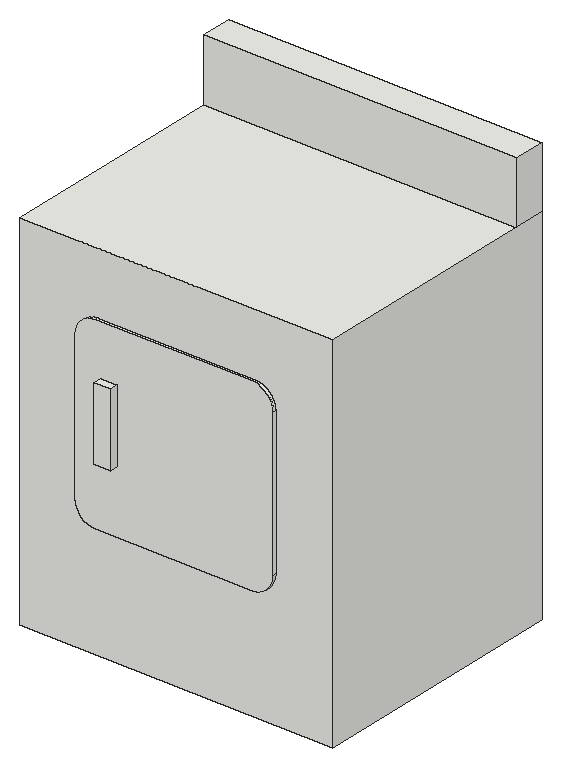
Revit family
Parameters (values of type "762 x 635 x 890mm")
  Label = "D"
  Depth = 635.00 mm
  Material = Metal - Paint Finish - Ivory, Glossy
  Height = 890.00 mm
  Width = 762.00 mm
  Assembly Code = ""
Types (3, lengths in mm): name | Depth | Height | Width
  685 x 635 x 890mm | 635.00 | 890.00 | 685.00
  762 x 635 x 890mm | 635.00 | 890.00 | 762.00
  800 x 730 x 930mm | 730.00 | 930.00 | 800.00
Reference planes
  plane 1: y = -2.839
  plane 2: z = 0
  plane 3: x = 36.087
  plane 4 "Top": z = 890
  plane 5: x = 798.087
  plane 6: y = 632.161
  plane 7: z = 966.2
  plane 8: x = 417.087
  plane 9: y = 314.661
Forms (mm)
  Extrusion 1, solid, material "Metal - Paint Finish - Ivory, Glossy" <- "Material"
    sketch origin (-41.43, 35.511, 0) x (1, 0, 0) y (0, 1, 0)
      loop
        line (839.517, 596.65) -> (77.517, 596.65) -> (77.517, -38.35) -> (839.517, -38.35) -> (839.517, 596.65)
    from 0 to 890
  Extrusion 2, solid, material "Metal - Paint Finish - Ivory, Glossy" <- "Material"
    sketch origin (798.087, -2.839, 890) x (0, 0, -1) y (0, 1, 0)
      loop
        line (0, 635) -> (-152.4, 635) -> (-152.4, 558.8) -> (0, 558.8) -> (0, 635)
    from 0 to -762
  Extrusion 3, solid, material "Metal - Paint Finish - Ivory, Glossy" <- "Material"
    sketch origin (36.087, -2.839, 890) x (0, 0, -1) y (1, 0, 0)
      loop
        arc (152.875, 190) -> (167.52, 154.645) -> (202.875, 140) r 50
        line (202.875, 140) -> (560.075, 140)
        arc (560.075, 140) -> (595.43, 154.645) -> (610.075, 190) r 50
        line (610.075, 190) -> (610.075, 572)
        arc (610.075, 572) -> (595.43, 607.355) -> (560.075, 622) r 50
        line (560.075, 622) -> (202.875, 622)
        arc (202.875, 622) -> (167.52, 607.355) -> (152.875, 572) r 50
        line (152.875, 572) -> (152.875, 190)
    from 0 to 7.92
  Extrusion 4, solid, material "Metal - Paint Finish - Ivory, Glossy" <- "Material"
    sketch origin (36.087, -10.759, 890) x (0, 0, -1) y (1, 0, 0)
      loop
        line (276.976, 202.403) -> (454.776, 202.403) -> (454.776, 242.403) -> (276.976, 242.403) -> (276.976, 202.403)
    from 0 to 19.9
Lines and regions (mm)
  Masking region 1
    outline origin (0, 0, 0) x (1, 0, 0) y (0, 1, 0)
      loop
        line (36.087, -2.839) -> (798.087, -2.839) -> (798.087, 632.161) -> (36.087, 632.161) -> (36.087, -2.839)
  model lines, detail levels medium+fine
    curve 1: line (537.737, 428.961, 890) -> (537.737, 327.361, 890)
    curve 2: line (537.737, 428.961, 890) -> (747.287, 428.961, 890)
    curve 3: line (747.287, 428.961, 890) -> (747.287, 327.361, 890)
    curve 4: line (537.737, 327.361, 890) -> (747.287, 327.361, 890)
    curve 5: arc (114.496, 555.961, 991.6) -> (89.096, 555.961, 966.2) -> (114.496, 555.961, 940.8) r 25.4
    curve 6: arc (114.496, 555.961, 940.8) -> (139.896, 555.961, 966.2) -> (114.496, 555.961, 991.6) r 25.4
    curve 7: arc (244.811, 555.961, 1017) -> (194.011, 555.961, 966.2) -> (244.811, 555.961, 915.4) r 50.8
    curve 8: arc (244.811, 555.961, 915.4) -> (295.611, 555.961, 966.2) -> (244.811, 555.961, 1017) r 50.8
    curve 9: arc (383.022, 555.961, 991.905) -> (357.317, 555.961, 966.2) -> (383.022, 555.961, 940.495) r 25.705
    curve 10: arc (383.022, 555.961, 940.495) -> (408.728, 555.961, 966.2) -> (383.022, 555.961, 991.905) r 25.705
  symbolic lines, style "SpecialityEquipment"
    curve 11: line (36.087, 555.961, 0) -> (798.087, 555.961, 0)
Dimensions and locks
  "Width": plane 5 to plane 3
  "Depth": plane 6 to plane 1
  "Height": plane 2 to plane 4 "Top"
  equal spacing: Extrusion 2, plane 7, plane 4 "Top"
  equal spacing: plane 3, plane 8, plane 5
  equal spacing: plane 6, plane 9, plane 1
  aligned and locked: plane 6 to Extrusion 1 sketch curve
  aligned and locked: plane 5 to Extrusion 1 sketch curve  (x2)
  aligned and locked: plane 1 to Extrusion 1 sketch curve  (x3)
  aligned and locked: plane 3 to Extrusion 1 sketch curve  (x2)
  aligned and locked: Extrusion 1 to level
  aligned and locked: Extrusion 1 to plane 4 "Top"
  aligned and locked: Extrusion 2 sketch curve to Extrusion 1  (x2)
  aligned and locked: Extrusion 2 to plane 3
  aligned and locked: Extrusion 3 to plane 1
  aligned and locked: plane 8 to nested 1
  aligned and locked: plane 9 to nested 1
  aligned: Extrusion 1 to Masking region 1 sketch curve
  aligned: Masking region 1 sketch curve to Extrusion 1  (x3)
Automatic sketch dimensions
  Extrusion 1 sketch curve to plane 6 = 0.00 mm
  plane 5 to Extrusion 1 sketch curve = 0.00 mm
  Extrusion 2 sketch curve to plane 4 "Top" = 152.40 mm
  Extrusion 2 sketch curve to plane 6 = 76.20 mm
  curve 7 to plane 7 = 0.00 mm
  curve 6 to plane 7 = 0.00 mm
  curve 9 to plane 7 = 0.00 mm
  plane 7 to curve 5 = 25.40 mm
  plane 7 to curve 10 = 25.705 mm
  curve 7 to plane 4 "Top" = 25.40 mm
  plane 3 to curve 6 = 78.409 mm
  curve 6 to curve 7 = 130.314 mm
  curve 8 to curve 9 = 138.212 mm
  curve 11 to plane 3 = 0.00 mm
  plane 8 to curve 1 = 120.65 mm
  curve 3 to plane 5 = 50.80 mm
  curve 3 to plane 1 = 330.20 mm
  curve 1 to curve 1 = 101.60 mm
  plane 4 "Top" to Extrusion 3 sketch curve = 152.875 mm
  Extrusion 3 sketch curve to Extrusion 3 sketch curve = 50.00 mm  (x3)
  level to Extrusion 3 sketch curve = 329.925 mm  (x2)
  plane 3 to Extrusion 3 sketch curve = 190.00 mm
  Extrusion 3 sketch curve to plane 5 = 190.00 mm
  Extrusion 4 sketch curve to plane 8 = 138.597 mm
  plane 4 "Top" to Extrusion 4 sketch curve = 276.976 mm
  Extrusion 4 sketch curve to Extrusion 4 sketch curve = 177.80 mm
  Extrusion 4 sketch curve to Extrusion 4 sketch curve = 40.00 mm
  curve 11 to plane 5 = 0.00 mm
  curve 11 to plane 6 = 76.20 mm
  Masking region 1 sketch curve to plane 3 = 0.00 mm
  Masking region 1 sketch curve to plane 5 = 0.00 mm
  Masking region 1 sketch curve to plane 1 = 0.00 mm
  Masking region 1 sketch curve to plane 6 = 0.00 mm
Nested families
  nested 1: "Label Annotation (M)" at (417.087, 314.661, 0), type "Label Annotation", detail levels medium+fine
Definition of nested family "Label Annotation (M)"
  Parameters
    Label = ""
  Reference planes
    plane 1: y = 0
    plane 2: x = 0
  Text (mm)
    label "Label" at (0.007, 0.129, 0), shows "Label"
